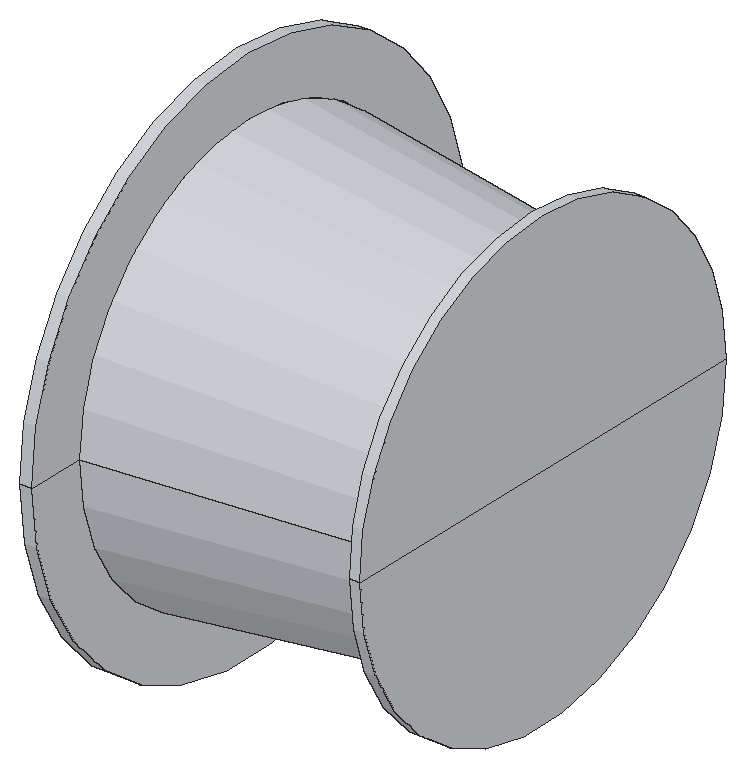
Revit family "b202ee2649ce4475bfa9a7a7234ddf6d", category Pipe Fittings, Revit 2021
Family settings
  Round Connector Dimension = Use Radius
  Part Type = Transition
  OmniClass Number = 23.60.30.11.14
  OmniClass Title = Pipework Fittings
  Work Plane-Based = No
  Always vertical = Yes
  Cut with Voids When Loaded = No
  Shared = No
Parameters (values of type "Standard")
  Visibility 2 [instance] = Nominal Diameter 2 > Nominal Diameter 1  # no
  Visibility 1 [instance] = Nominal Diameter 1 > Nominal Diameter 2  # yes
  URL = ""
  Type Comments = ""
  Tick Size 2 [instance] = if(Nominal Diameter 1 > Nominal Diameter 2, Min Tick Size 12, Max Tick Size 12)  # 15.5000"
  Tick Size 1 [instance] = if(Nominal Diameter 1 > Nominal Diameter 2, Max Tick Size 12, Min Tick Size 12)  # 18.4000"
  Min Tick Size 12 [instance] = Min Flange Diameter 12 * 0.4  # 15.5000"
  Min Flange Thickness 12 [instance] = size_lookup(Lookup Table Name, "FThk", 0.02 * Min Nominal Diameter 12 + 0.4900", Min Nominal Diameter 12)  # 0.8750"
  Min Flange Diameter 12 [instance] = size_lookup(Lookup Table Name, "FDia", 1.15 * Min Nominal Diameter 12 + 4.4800", Min Nominal Diameter 12)  # 38.7500"
  Max Tick Size 12 [instance] = Max Flange Diameter 12 * 0.4  # 18.4000"
  Nominal Radius 2 [instance] = 15.0000"
  Nominal Radius 1 [instance] = 18.0000"
  Nominal Diameter 2 [instance] = Nominal Radius 2 * 2  # 30.0000"
  Nominal Diameter 1 [instance] = Nominal Radius 1 * 2  # 36.0000"
  Min Nominal Diameter 12 [instance] = if(Nominal Diameter 1 > Nominal Diameter 2, Nominal Diameter 2, Nominal Diameter 1)  # 30.0000"
  Max Nominal Diameter 12 [instance] = if(Nominal Diameter 1 > Nominal Diameter 2, Nominal Diameter 1, Nominal Diameter 2)  # 36.0000"
  Max Flange Thickness 12 [instance] = size_lookup(Lookup Table Name, "FThk", 0.02 * Max Nominal Diameter 12 + 0.4900", Max Nominal Diameter 12)  # 1.0000"
  Max Flange Diameter 12 [instance] = size_lookup(Lookup Table Name, "FDia", 1.15 * Max Nominal Diameter 12 + 4.4800", Max Nominal Diameter 12)  # 46.0000"
  Manufacturer = ""
  Loss Method = K Coefficient from Table
  Lookup Table Name = "Flange - Ring - Stainless Steel - Class 86"
  Length [instance] = if(Nominal Diameter 1 = Nominal Diameter 2, Min Nominal Diameter 12 / 2, 4 * (Max Nominal Diameter 12 - Min Nominal Diameter 12))  # 24.0000"
  K Coefficient Table = "Reducer/Coupling/Union/Increaser"
  built-in parameter 1114238 [instance] = (empty or 0)
  Flange Thickness 2 [instance] = if(Nominal Diameter 1 > Nominal Diameter 2, Min Flange Thickness 12, Max Flange Thickness 12)  # 0.8750"
  Flange Thickness 1 [instance] = if(Nominal Diameter 1 > Nominal Diameter 2, Max Flange Thickness 12, Min Flange Thickness 12)  # 1.0000"
  Flange Radius 1 [instance] = Flange Diameter 1 / 2  # 23.0000"
  Flange Radius 2 [instance] = Flange Diameter 2 / 2  # 19.3750"
  Flange Diameter 2 [instance] = if(Nominal Diameter 1 > Nominal Diameter 2, Min Flange Diameter 12, Max Flange Diameter 12)  # 38.7500"
  Flange Diameter 1 [instance] = if(Nominal Diameter 1 > Nominal Diameter 2, Max Flange Diameter 12, Min Flange Diameter 12)  # 46.0000"
  Description = ""
  Default Elevation = 0.0000"
  Assembly Code = ""
Reference planes (in)
  plane 1 "Center (Front/Back)": y = 0
  plane 2: z = 0
  plane 3 "Center (Left/Right)": x = 0
  plane 4 "Right": x = 25.875
  plane 5 "TK1 Top": y = 18.4
  plane 6 "TK1 Bottom": y = -18.4
  plane 7 "TK2 Top": y = 15.5
  plane 8 "TK2 Bottom": y = -15.5
  plane 9: y = 18
  plane 10: y = 15
  plane 11: x = 1
  plane 12: y = 23
  plane 13: x = 25
  plane 14: y = 19.375
Forms (in)
  Extrusion 1, solid, not visible
    sketch origin (0, 0, 0) x (0, 1, 0) y (0, 0, 1)
      loop
        circle (0, 0) r 1
    from 0 to 25.875
  Revolve 2, solid, detail levels fine
    sketch origin (0, 0, 0) x (1, 0, 0) y (0, 1, 0)
      loop
        line (0, 0) -> (25.875, 0) -> (25.875, 19.375) -> (25, 19.375) -> (25, 15) -> (1, 18) -> (1, 23) -> (0, 23) -> (0, 0)
      axis (0, 0) -> (25.875, 0)
    angle from 0 to 360
Lines and regions (in)
  model lines, detail levels coarse+medium
    curve 1: line (0, 0, 0) -> (0, 18.4, 0)
    curve 2: line (0, -18.4, 0) -> (0, 0, 0)
    curve 3: line (25.875, 0, 0) -> (25.875, 15.5, 0)
    curve 4: line (25.875, 0, 0) -> (25.875, -15.5, 0)
  model lines, style "PipeFitting", visible <- "Visibility 1", detail levels coarse+medium
    curve 5: line (0, 18.4, 0) -> (25.875, 0, 0)
    curve 6: line (0, -18.4, 0) -> (25.875, 0, 0)
  model lines, style "PipeFitting", visible <- "Visibility 2", detail levels coarse+medium
    curve 7: line (25.875, 15.5, 0) -> (0, 0, 0)
    curve 8: line (0, 0, 0) -> (25.875, -15.5, 0)
Dimensions and locks (in)
  "Tick Size 1": plane 5 "TK1 Top" to plane 1 "Center (Front/Back)"
  "Tick Size 1": plane 6 "TK1 Bottom" to plane 1 "Center (Front/Back)"
  "Tick Size 2": plane 7 "TK2 Top" to plane 1 "Center (Front/Back)"
  "Tick Size 2": plane 8 "TK2 Bottom" to plane 1 "Center (Front/Back)"
  "Nominal Radius 1": plane 9 to plane 1 "Center (Front/Back)"
  "Nominal Radius 2": plane 10 to plane 1 "Center (Front/Back)"
  "Flange Thickness 1": plane 3 "Center (Left/Right)" to plane 11
  "Flange Thickness 2": plane 13 to plane 4 "Right"
  "Length": plane 11 to plane 13
  "Flange Radius 1": plane 12 to plane 1 "Center (Front/Back)"
  "Flange Radius 2": plane 14 to plane 1 "Center (Front/Back)"
  radius of Extrusion 1 sketch curve = 1.0000"
  aligned and locked: plane 2 to level
  aligned and locked: plane 2 to Extrusion 1 sketch curve
  aligned and locked: plane 1 "Center (Front/Back)" to Extrusion 1 sketch curve
  aligned and locked: Extrusion 1 to plane 3 "Center (Left/Right)"
  aligned and locked: plane 4 "Right" to Extrusion 1
  aligned and locked: plane 1 "Center (Front/Back)" to curve 2
  aligned and locked: plane 3 "Center (Left/Right)" to curve 1
  aligned and locked: plane 3 "Center (Left/Right)" to curve 2
  aligned and locked: plane 5 "TK1 Top" to curve 1
  aligned and locked: plane 6 "TK1 Bottom" to curve 2
  aligned and locked: curve 3 to plane 7 "TK2 Top"
  aligned and locked: curve 4 to plane 4 "Right"
  aligned and locked: plane 1 "Center (Front/Back)" to Revolve 2 sketch curve
  aligned and locked: Revolve 2 sketch curve to Revolve 2 sketch curve
  aligned and locked: Revolve 2 sketch curve to plane 3 "Center (Left/Right)"
  aligned and locked: plane 11 to Revolve 2 sketch curve
  aligned and locked: plane 12 to Revolve 2 sketch curve
  aligned and locked: plane 13 to Revolve 2 sketch curve
  aligned and locked: Revolve 2 sketch curve to plane 4 "Right"
  aligned and locked: plane 14 to Revolve 2 sketch curve
Automatic sketch dimensions
  plane 8 "TK2 Bottom" to curve 8 = 0.0000"
  plane 1 "Center (Front/Back)" to curve 4 = 0.0000"
  Revolve 2 sketch curve to plane 9 = 0.0000"
  Revolve 2 sketch curve to plane 10 = 0.0000"
  Revolve 2 sketch curve to plane 3 "Center (Left/Right)" = 9.7500"
  plane 4 "Right" to Revolve 2 sketch curve = 7.2500"
Connectors (in)
  piping at (0, 0, 0), diameter 36, driven by "Nominal Radius 1"
    settings: on Revolve 2, index 1, connector inside diameter 36.0000", connector length 0.0000", flow factor 0, pipe flow 0 GPM, pressure drop 0.00 psi, fitting loss kfactor 0, connector angle 0.00°, fixture units 0, engagement length 0.0000", angle of deflection 0.00°, flow configuration 0, flow direction 0, fitting loss method 0, system type 28, joint type 0, gender type 0, connector reference index 2, connector utility 0, adjustable connector no, is connector primary yes, connector description ""
  piping at (25.875, 0, 0), diameter 30, driven by "Nominal Radius 2"
    settings: on Revolve 2, index 2, connector inside diameter 30.0000", connector length 0.0000", flow factor 0, pipe flow 0 GPM, pressure drop 0.00 psi, fitting loss kfactor 0, connector angle 0.00°, fixture units 0, engagement length 0.0000", angle of deflection 0.00°, flow configuration 0, flow direction 0, fitting loss method 0, system type 28, joint type 0, gender type 0, connector reference index 1, connector utility 0, adjustable connector no, is connector primary no, connector description ""
